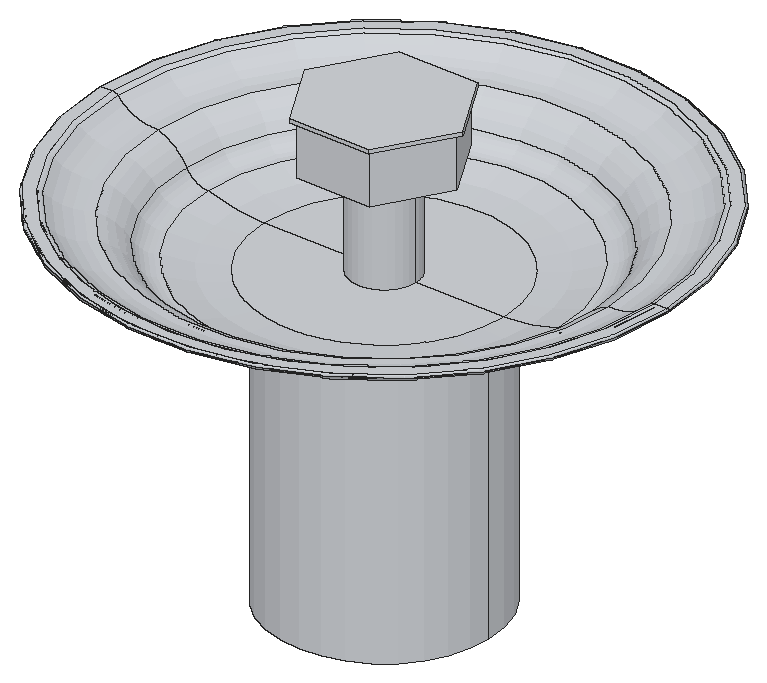
Revit family "Washfountain-Willoughby-WWF-5406-FLR", category Plumbing Fixtures, Revit 2015
Parameters (values of type "Standard")
  Waste DIA = 2"
  Waste Connection = yes
  Vent Connection = no
  URL = "https://www.willoughby-ind.com/wp-content/uploads/2018/01/WAF-5408.pdf"
  Revision = "A"
  Model = "WWF-5406-FLR"
  Manufacturer = "Willoughby Industries"
  HW Connection = yes
  HCW DIA = 1/2"
  Fixture Body = Stainless Steel AISI 304-Willoughby
  Description = "Six Station Washfountain, Floor Mounted"
  Default Elevation = 0' - 0"
  Contact = "(800) 428-4065"
  CW Connection = yes
Reference planes (in)
  plane 1 "Center (Front/Back)": y = 0
  plane 2: z = 0
  plane 3 "Center (Left/Right)": x = 0
  plane 4: x = -27
  plane 5: x = 27
  plane 6 "Top Pf Sink": z = 34
  plane 7 "Bottom Of Sink": z = 27.5
  plane 8: x = 10
  plane 9: x = -10
  plane 10 "Bottom Of Faucet Head": z = 37.0625
  plane 11 "Faucet Head HGT": z = 41.875
  plane 12 "Top Of Cap": z = 42.25
Forms (in)
  Revolve 1, solid
    sketch origin (0, 0, -20) x (1, 0, 0) y (0, 0, 1)
      loop
        line (-27, 53.83658) -> (-27, 53.7862)
        arc (-27, 53.7862) -> (-26.95279, 53.67221) -> (-26.8388, 53.625) r 0.1612
        line (-26.8388, 53.625) -> (-25.625, 53.625)
        arc (-25.625, 53.625) -> (-23.73121, 52.27152) -> (-21.4375, 51.875) r 5.22415
        arc (-21.4375, 51.875) -> (-20.07609, 51.04401) -> (-19.0625, 49.8125) r 4.79567
        arc (-19.0625, 49.8125) -> (-18.07558, 48.76236) -> (-16.6875, 48.375) r 2.68071
        arc (-16.6875, 48.375) -> (-14.06704, 47.72021) -> (-11.375, 47.5) r 16.56473
        line (-11.375, 47.5) -> (0, 47.5) -> (0, 47.875) -> (-11.375, 47.875)
        arc (-11.375, 47.875) -> (-14.03757, 48.09545) -> (-16.62764, 48.75078) r 16.18973
        arc (-16.62764, 48.75078) -> (-17.85869, 49.06961) -> (-18.73348, 49.99258) r 2.30571
        arc (-18.73348, 49.99258) -> (-19.85977, 51.35263) -> (-21.37804, 52.25438) r 5.17067
        arc (-21.37804, 52.25438) -> (-23.50505, 52.5843) -> (-25.27973, 53.80231) r 4.84915
        arc (-25.27973, 53.80231) -> (-25.48482, 53.94841) -> (-25.73129, 54) r 0.61458
        line (-25.73129, 54) -> (-26.83658, 54)
        arc (-26.83658, 54) -> (-26.95213, 53.95213) -> (-27, 53.83658) r 0.16342
      axis (0, 54) -> (0, 47.5)
    angle from 0 to 360
  Revolve 2, solid
    sketch origin (0, 0, 0) x (1, 0, 0) y (0, 0, 1)
      loop
        line (0, 27.5) -> (-10, 27.5) -> (-10, 0) -> (0, 0) -> (0, 27.5)
      axis (0, 27.5) -> (0, 0)
    angle from 0 to 360
  Revolve 3, solid
    sketch origin (0, 0, 0) x (1, 0, 0) y (0, 0, 1)
      loop
        line (0, 34) -> (0, 37.0625) -> (-3, 37.0625) -> (-3, 27.5) -> (0, 27.5) -> (0, 34)
      axis (0, 37.0625) -> (0, 27.5)
    angle from 0 to 360
  Extrusion 4, solid
    sketch origin (0, 0, 42.25) x (1, 0, 0) y (0, 1, 0)
      loop
        line (-3.753, 6.5) -> (-7.506, -0.00039) -> (-3.753, -6.5) -> (3.753, -6.5) -> (7.506, -0.00039) -> (3.753, 6.5) -> (-3.753, 6.5)
    from 0 to -0.375
  Extrusion 5, solid
    sketch origin (0, 0, 37.0625) x (1, 0, 0) y (0, 1, 0)
      loop
        line (-3.46432, 6) -> (-6.92865, -0.00039) -> (-3.46477, -6) -> (3.46477, -6) -> (6.92865, -0.00039) -> (3.46432, 6) -> (-3.46432, 6)
    from 0 to 4.8125
  Extrusion 6, solid, detail levels medium+fine
    sketch origin (0, 0, 0) x (1, 0, 0) y (0, 1, 0)
      loop
        circle (4, -2) r 1
    from 0 to 3
  Extrusion 7, solid, detail levels medium+fine
    sketch origin (0, 0, 0) x (1, 0, 0) y (0, 1, 0)
      loop
        circle (-2, -2) r 0.25
    from 0 to 3
  Extrusion 8, solid, detail levels medium+fine
    sketch origin (0, 0, 0) x (1, 0, 0) y (0, 1, 0)
      loop
        circle (-2, -6) r 0.25
    from 0 to 3
Lines and regions (in)
  symbolic lines
    curve 1: line (6.92865, 0, 41.875) -> (-6.92865, 0, 41.875)
    curve 2: line (-6.92865, 0, 41.875) -> (-6.92865, 0, 37.0625)
    curve 3: line (-6.92865, 0, 37.0625) -> (6.92865, 0, 37.0625)
    curve 4: line (6.92865, 0, 37.0625) -> (6.92865, 0, 41.875)
    curve 5: line (6.92865, 0, 41.875) -> (7.506, 0, 41.875)
    curve 6: line (7.506, 0, 41.875) -> (7.506, 0, 42.25)
    curve 7: line (7.506, 0, 42.25) -> (-7.506, 0, 42.25)
    curve 8: line (-7.506, 0, 42.25) -> (-7.506, 0, 41.875)
    curve 9: line (-7.506, 0, 41.875) -> (-6.92865, 0, 41.875)
    curve 10: line (-3, 0, 37.0625) -> (-3, 0, 34)
    curve 11: line (3, 0, 37.0625) -> (3, 0, 34)
    curve 12: line (26.87149, 0, 34) -> (-26.83229, 0, 34)
    curve 13: line (-26.83229, 0, 33.61752) -> (26.87149, 0, 33.61752)
    curve 14: arc (26.87149, 0, 33.61752) -> (27.00384, 0, 33.80876) -> (26.87149, 0, 34) r 0.20434
    curve 15: arc (-26.83229, 0, 34) -> (-27.02353, 0, 33.80876) -> (-26.83229, 0, 33.61752) r 0.19124
    curve 16: arc (-25.59331, 0, 33.61752) -> (-23.7164, 0, 32.26691) -> (-21.4375, 0, 31.875) r 5.14341
    curve 17: arc (-21.4375, 0, 31.875) -> (-20.06597, 0, 31.05566) -> (-19.0625, 0, 29.8125) r 4.547
    curve 18: arc (-19.0625, 0, 29.8125) -> (-18.06774, 0, 28.7753) -> (-16.6875, 0, 28.375) r 2.77422
    curve 19: arc (-16.6875, 0, 28.375) -> (-13.38121, 0, 27.65121) -> (-10, 0, 27.5) r 19.83774
    curve 20: line (-10, 0, 27.5) -> (10, 0, 27.5)
    curve 21: arc (10, 0, 27.5) -> (13.38558, 0, 27.6178) -> (16.6875, 0, 28.375) r 17.7964
    curve 22: arc (16.6875, 0, 28.375) -> (18.08141, 0, 28.75272) -> (19.0625, 0, 29.8125) r 2.61603
    curve 23: arc (19.0625, 0, 29.8125) -> (20.07709, 0, 31.04286) -> (21.4375, 0, 31.875) r 4.82202
    curve 24: arc (21.4375, 0, 31.875) -> (23.7314, 0, 32.26527) -> (25.625, 0, 33.61752) r 5.19634
    curve 25: line (-10, 0, 27.5) -> (-10, 0, 0)
    curve 26: line (-10, 0, 0) -> (10, 0, 0)
    curve 27: line (10, 0, 0) -> (10, 0, 27.5)
    curve 28: line (0, 6, 41.875) -> (0, -6, 41.875)
    curve 29: line (0, -6, 41.875) -> (0, -6, 37.0625)
    curve 30: line (0, -6, 37.0625) -> (0, 6, 37.0625)
    curve 31: line (0, 6, 37.0625) -> (0, 6, 41.875)
    curve 32: line (0, 6, 41.875) -> (0, 6.5, 41.875)
    curve 33: line (0, 6.5, 41.875) -> (0, 6.5, 42.25)
    curve 34: line (0, 6.5, 42.25) -> (0, -6.5, 42.25)
    curve 35: line (0, -6.5, 42.25) -> (0, -6.5, 41.875)
    curve 36: line (0, -6.5, 41.875) -> (0, -6, 41.875)
    curve 37: line (0, 0, 41.875) -> (0, 0, 37.0625)
    curve 38: line (0, -3, 37.0625) -> (0, -3, 34)
    curve 39: line (0, 3, 37.0625) -> (0, 3, 34)
    curve 40: line (0, -26.83395, 34) -> (0, 26.91605, 34)
    curve 41: line (0, 26.91605, 33.62562) -> (0, -26.83395, 33.62562)
    curve 42: arc (0, -26.83395, 33.62562) -> (0, -27.02114, 33.81281) -> (0, -26.83395, 34) r 0.18719
    curve 43: arc (0, -25.58395, 33.62562) -> (0, -23.71865, 32.25782) -> (0, -21.4375, 31.875) r 5.00412
    curve 44: arc (0, -21.4375, 31.875) -> (0, -20.07204, 31.04868) -> (0, -19.0625, 29.8125) r 4.69264
    curve 45: arc (0, -19.0625, 29.8125) -> (0, -18.06335, 28.78256) -> (0, -16.6875, 28.375) r 2.83032
    curve 46: arc (0, -16.6875, 28.375) -> (0, -13.38434, 27.62729) -> (0, -10, 27.5) r 18.33134
    curve 47: line (0, -10, 27.5) -> (0, 10, 27.5)
    curve 48: arc (0, 10, 27.5) -> (0, 13.3855, 27.61838) -> (0, 16.6875, 28.375) r 17.82836
    curve 49: arc (0, 16.6875, 28.375) -> (0, 18.06981, 28.77189) -> (0, 19.0625, 29.8125) r 2.74878
    curve 50: arc (0, 19.0625, 29.8125) -> (0, 20.06312, 31.05895) -> (0, 21.4375, 31.875) r 4.48194
    curve 51: arc (0, 21.4375, 31.875) -> (0, 23.7357, 32.26457) -> (0, 25.62805, 33.62562) r 5.16077
    curve 52: line (0, 10, 27.5) -> (0, 10, 0)
    curve 53: line (0, 10, 0) -> (0, -10, 0)
    curve 54: line (0, -10, 0) -> (0, -10, 27.5)
    curve 55: circle (0, 0, 0) r 27 normal (0, 0, 1)
    curve 62: line (-3.753, -6.5, 0) -> (-7.506, -0.00039, 0)
  symbolic lines, detail levels fine
    curve 56: circle (0, 0, 0) r 21.4375 normal (0, 0, 1)
    curve 57: circle (0, 0, 0) r 16.6875 normal (0, 0, 1)
  symbolic lines, detail levels medium+fine
    curve 58: line (-3.753, 6.5, 0) -> (3.753, 6.5, 0)
    curve 59: line (3.753, 6.5, 0) -> (7.506, -0.00039, 0)
    curve 60: line (7.506, -0.00039, 0) -> (3.753, -6.5, 0)
    curve 61: line (3.753, -6.5, 0) -> (-3.753, -6.5, 0)
    curve 63: line (-7.506, -0.00039, 0) -> (-3.753, 6.5, 0)
Dimensions and locks (in)
  equal spacing: plane 4, plane 3 "Center (Left/Right)", plane 5
  equal spacing: plane 8, plane 3 "Center (Left/Right)", plane 9, locked at 10 each
  aligned and locked: Revolve 2 sketch curve to Revolve 2 sketch curve  (x3)
  aligned and locked: Revolve 3 sketch curve to Revolve 3 sketch curve  (x2)
  aligned and locked: Extrusion 4 to plane 11 "Faucet Head HGT"
  aligned and locked: plane 12 "Top Of Cap" to Extrusion 4
  aligned and locked: plane 11 "Faucet Head HGT" to Extrusion 5
Automatic sketch dimensions
  Revolve 3 sketch curve to plane 7 "Bottom Of Sink" = 0' - 0"  (x2)
  Revolve 3 sketch curve to plane 3 "Center (Left/Right)" = 0' - 0"
  Revolve 3 sketch curve to plane 6 "Top Pf Sink" = 0' - 0"
  Revolve 3 sketch curve to Revolve 3 sketch curve = 0' - 3"
  plane 6 "Top Pf Sink" to Revolve 3 sketch curve = 0' - 3 1/16"
  plane 1 "Center (Front/Back)" to Extrusion 4 sketch curve = 0' - 0.00039"  (x2)
  plane 9 to Extrusion 4 sketch curve = 0' - 2.494"
  Extrusion 4 sketch curve to plane 3 "Center (Left/Right)" = 0' - 3.753"  (x2)
  plane 3 "Center (Left/Right)" to Extrusion 4 sketch curve = 0' - 3.753"  (x2)
  Extrusion 4 sketch curve to plane 8 = 0' - 2.494"
  plane 1 "Center (Front/Back)" to Extrusion 4 sketch curve = 0' - 6 1/2"
  Extrusion 4 sketch curve to plane 1 "Center (Front/Back)" = 0' - 6 1/2"
  plane 1 "Center (Front/Back)" to Extrusion 5 sketch curve = 0' - 0.00039"  (x2)
  plane 9 to Extrusion 5 sketch curve = 0' - 3.07135"
  Extrusion 5 sketch curve to plane 3 "Center (Left/Right)" = 0' - 3.46477"
  Extrusion 5 sketch curve to plane 3 "Center (Left/Right)" = 0' - 3.46432"
  plane 3 "Center (Left/Right)" to Extrusion 5 sketch curve = 0' - 3.46432"
  plane 3 "Center (Left/Right)" to Extrusion 5 sketch curve = 0' - 3.46477"
  Extrusion 5 sketch curve to plane 8 = 0' - 3.07135"
  plane 1 "Center (Front/Back)" to Extrusion 5 sketch curve = 0' - 6"
  Extrusion 5 sketch curve to plane 1 "Center (Front/Back)" = 0' - 6"
  curve 15 to plane 6 "Top Pf Sink" = 0' - 0"
  curve 19 to plane 7 "Bottom Of Sink" = 0' - 0"
  curve 19 to plane 9 = 0' - 0"
  curve 9 to plane 11 "Faucet Head HGT" = 0' - 0"
  curve 7 to plane 12 "Top Of Cap" = 0' - 0"
  curve 2 to plane 10 "Bottom Of Faucet Head" = 0' - 0"
  curve 26 to plane 8 = 0' - 0"
  curve 27 to level = 0' - 0"
  curve 19 to plane 9 = 0' - 0.80755"
  curve 18 to plane 9 = 0' - 6.63125"
  curve 16 to plane 10 "Bottom Of Faucet Head" = 0' - 0.05227"
  curve 16 to plane 4 = 0' - 5.27247"
  plane 7 "Bottom Of Sink" to curve 17 = 0' - 0.12253"
  curve 17 to plane 4 = 0' - 3.95262"
  curve 12 to plane 4 = 0' - 0.16771"
  plane 9 to curve 9 = 0' - 2.494"
  curve 8 to curve 1 = 0' - 0.57735"
  curve 4 to plane 8 = 0' - 3.07135"
  curve 1 to curve 7 = 0' - 0.57735"
  plane 8 to curve 21 = 0' - 1.07676"
  plane 8 to curve 22 = 0' - 6.72683"
  plane 10 "Bottom Of Faucet Head" to curve 24 = 0' - 0.00031"
  plane 5 to curve 24 = 0' - 5.26498"
  curve 23 to plane 7 "Bottom Of Sink" = 0' - 0.09793"
  plane 5 to curve 23 = 0' - 3.76117"
  plane 5 to curve 14 = 0' - 0.20051"
  plane 5 to curve 13 = 0' - 0.12851"
  plane 5 to curve 12 = 0' - 0.12851"
  curve 22 to plane 6 "Top Pf Sink" = 0' - 3.00927"
  curve 18 to plane 6 "Top Pf Sink" = 0' - 2.85136"
  curve 13 to curve 15 = 0' - 0.38248"
  plane 12 "Top Of Cap" to curve 21 = 0' - 3.01379"
  plane 12 "Top Of Cap" to curve 19 = 0' - 5.0713"
  plane 7 "Bottom Of Sink" to curve 18 = 0' - 0 7/8"
  curve 17 to curve 18 = 0' - 0"
  curve 17 to plane 6 "Top Pf Sink" = 0' - 2 1/8"
  curve 10 to plane 3 "Center (Left/Right)" = 0' - 3"
  plane 3 "Center (Left/Right)" to curve 11 = 0' - 3"
  plane 7 "Bottom Of Sink" to curve 22 = 0' - 0 7/8"
  plane 7 "Bottom Of Sink" to curve 22 = 0' - 2 5/16"
  curve 24 to plane 6 "Top Pf Sink" = 0' - 2 1/8"
  curve 42 to plane 6 "Top Pf Sink" = 0' - 0"
  curve 47 to plane 7 "Bottom Of Sink" = 0' - 0"
  curve 54 to level = 0' - 0"
  curve 35 to plane 12 "Top Of Cap" = 0' - 0"
  curve 36 to plane 11 "Faucet Head HGT" = 0' - 0"
  curve 30 to plane 10 "Bottom Of Faucet Head" = 0' - 0"
  curve 37 to plane 1 "Center (Front/Back)" = 0' - 0"
  plane 1 "Center (Front/Back)" to curve 36 = 0' - 6"
  curve 35 to curve 28 = 0' - 0 1/2"
  plane 1 "Center (Front/Back)" to curve 47 = 0' - 10"
  curve 46 to curve 34 = 0' - 4.50611"
  curve 45 to plane 6 "Top Pf Sink" = 0' - 2.7961"
  curve 45 to curve 46 = 0' - 6.59781"
  curve 43 to plane 10 "Bottom Of Faucet Head" = 0' - 0.19459"
  curve 43 to curve 45 = 0' - 5.17448"
  plane 7 "Bottom Of Sink" to curve 44 = 0' - 0.00558"
  curve 44 to curve 45 = 0' - 6.55113"
  curve 40 to curve 43 = 0' - 5.06167"
  curve 37 to curve 28 = 0' - 6"
  curve 28 to curve 32 = 0' - 0 1/2"
  curve 47 to plane 1 "Center (Front/Back)" = 0' - 10"
  curve 33 to curve 48 = 0' - 4.57254"
  curve 49 to plane 6 "Top Pf Sink" = 0' - 2.87653"
  curve 48 to curve 49 = 0' - 6.64648"
  curve 51 to plane 10 "Bottom Of Faucet Head" = 0' - 0.03598"
  curve 49 to curve 51 = 0' - 5.09989"
  plane 7 "Bottom Of Sink" to curve 50 = 0' - 0.17493"
  curve 49 to curve 50 = 0' - 6.35538"
  curve 41 to curve 40 = 0' - 0.37438"
  plane 12 "Top Of Cap" to curve 48 = 0' - 3.04607"
  plane 12 "Top Of Cap" to curve 46 = 0' - 3.55371"
  curve 29 to curve 38 = 0' - 3"
  plane 7 "Bottom Of Sink" to curve 46 = 0' - 0 7/8"
  curve 44 to curve 45 = 0' - 0"
  curve 44 to plane 6 "Top Pf Sink" = 0' - 2 1/8"
  curve 39 to plane 1 "Center (Front/Back)" = 0' - 3"
  plane 7 "Bottom Of Sink" to curve 49 = 0' - 0 7/8"
  curve 50 to curve 49 = 0' - 0"
  curve 50 to plane 6 "Top Pf Sink" = 0' - 2 1/8"
  curve 51 to curve 41 = 0' - 1.288"
  curve 40 to curve 41 = 0' - 0"
  Revolve 1 sketch curve to Revolve 1 sketch curve = 0' - 0"  (x9)
  plane 4 to Revolve 1 sketch curve = 0' - 0"
  Revolve 1 sketch curve to plane 6 "Top Pf Sink" = 0' - 0"  (x2)
  Revolve 1 sketch curve to plane 3 "Center (Left/Right)" = 0' - 0"  (x2)
  Revolve 1 sketch curve to plane 7 "Bottom Of Sink" = 0' - 0"  (x2)
  Revolve 1 sketch curve to Revolve 1 sketch curve = 0' - 0.1612"
  Revolve 1 sketch curve to Revolve 1 sketch curve = 0' - 0.00223"
  Revolve 1 sketch curve to Revolve 1 sketch curve = 0' - 1.10529"
  Revolve 1 sketch curve to Revolve 1 sketch curve = 0' - 0.10629"
  Revolve 1 sketch curve to plane 7 "Bottom Of Sink" = 0' - 0.07688"
  Revolve 1 sketch curve to plane 4 = 0' - 3.77945"
  plane 10 "Bottom Of Faucet Head" to Revolve 1 sketch curve = 0' - 0.02918"
  Revolve 1 sketch curve to Revolve 1 sketch curve = 0' - 4.01447"
  Revolve 1 sketch curve to plane 9 = 0' - 6 11/16"
  Revolve 1 sketch curve to plane 9 = 0' - 1 3/8"
  Revolve 1 sketch curve to Revolve 1 sketch curve = 0' - 0 3/8"
  Revolve 1 sketch curve to plane 6 "Top Pf Sink" = 0' - 2.94429"
  Revolve 1 sketch curve to Revolve 1 sketch curve = 0' - 0.61458"
  Revolve 1 sketch curve to Revolve 1 sketch curve = 0' - 0.23958"
  plane 12 "Top Of Cap" to Revolve 1 sketch curve = 0' - 1.81473"
  Revolve 1 sketch curve to Revolve 1 sketch curve = 0' - 3.84223"
  Revolve 1 sketch curve to Revolve 1 sketch curve = 0' - 0.05946"
  Revolve 1 sketch curve to Revolve 1 sketch curve = 0' - 0.32902"
  plane 1 "Center (Front/Back)" to Extrusion 6 sketch curve = 0' - 2"
  plane 3 "Center (Left/Right)" to Extrusion 6 sketch curve = 0' - 4"
  Extrusion 7 sketch curve to plane 3 "Center (Left/Right)" = 0' - 2"
  plane 1 "Center (Front/Back)" to Extrusion 7 sketch curve = 0' - 2"
  Extrusion 8 sketch curve to plane 3 "Center (Left/Right)" = 0' - 2"
  plane 1 "Center (Front/Back)" to Extrusion 8 sketch curve = 0' - 6"
  curve 55 to curve 57 = 0' - 0"  (x2)
  curve 56 to curve 57 = 0' - 0"  (x2)
  plane 1 "Center (Front/Back)" to curve 55 = 0' - 0"
  curve 55 to plane 3 "Center (Left/Right)" = 0' - 0"
  curve 61 to plane 3 "Center (Left/Right)" = 0' - 3.753"
  plane 3 "Center (Left/Right)" to curve 60 = 0' - 3.753"
  plane 3 "Center (Left/Right)" to curve 58 = 0' - 3.753"
  plane 1 "Center (Front/Back)" to curve 60 = 0' - 0.00039"
  curve 60 to plane 8 = 0' - 2.494"
  plane 1 "Center (Front/Back)" to curve 61 = 0' - 6 1/2"
  curve 58 to plane 1 "Center (Front/Back)" = 0' - 6 1/2"
  curve 63 to plane 3 "Center (Left/Right)" = 0' - 3.753"
  plane 1 "Center (Front/Back)" to curve 63 = 0' - 0.00039"
  plane 9 to curve 63 = 0' - 2.494"
  Revolve 2 sketch curve to plane 7 "Bottom Of Sink" = 0' - 0"
  Revolve 2 sketch curve to plane 9 = 0' - 0"
  Revolve 2 sketch curve to plane 3 "Center (Left/Right)" = 0' - 0"
  Revolve 2 sketch curve to level = 0' - 0"
  radius of Extrusion 6 sketch curve = 0' - 1"
  radius of Extrusion 7 sketch curve = 0' - 0 1/4"
  radius of Extrusion 8 sketch curve = 0' - 0 1/4"
  radius of curve 55 = 2' - 3"
  radius of curve 56 = 1' - 9 7/16"
  radius of curve 57 = 1' - 4 11/16"
Connectors (in)
  piping at (-2, -6, 0), diameter 0.5, driven by "HCW DIA", driven by "HW Connection"
    settings: on Extrusion 8, index 1, connector inside diameter 24", connector length 0' - 0", flow factor 0, pipe flow 0.5 GPM, pressure drop 0.00 psi, fitting loss kfactor 0, connector angle 0.00°, fixture units 0, engagement length 0' - 0", angle of deflection 0.00°, flow configuration 0, flow direction 1, fitting loss method 0, system type 19, joint type 0, gender type 0, connector reference index -1, connector utility 1, adjustable connector no, is connector primary yes, connector description "HW Inlet"
  piping at (-2, -2, 0), diameter 0.5, driven by "HCW DIA", driven by "CW Connection"
    settings: on Extrusion 7, index 2, connector inside diameter 24", connector length 0' - 0", flow factor 0, pipe flow 0.5 GPM, pressure drop 0.00 psi, fitting loss kfactor 0, connector angle 0.00°, fixture units 0, engagement length 0' - 0", angle of deflection 0.00°, flow configuration 0, flow direction 1, fitting loss method 0, system type 20, joint type 0, gender type 0, connector reference index -1, connector utility 1, adjustable connector no, is connector primary no, connector description "CW Inlet"
  piping at (4, -2, 3), diameter 2, driven by "Waste DIA"
    settings: on Extrusion 6, index 3, connector inside diameter 24", connector length 0' - 0", flow factor 0, pipe flow 0 GPM, pressure drop 0.00 psi, fitting loss kfactor 0, connector angle 0.00°, fixture units 0, engagement length 0' - 0", angle of deflection 0.00°, flow configuration 0, flow direction 0, fitting loss method 0, system type 7, joint type 0, gender type 0, connector reference index -1, connector utility 0, adjustable connector no, is connector primary no, connector description ""
